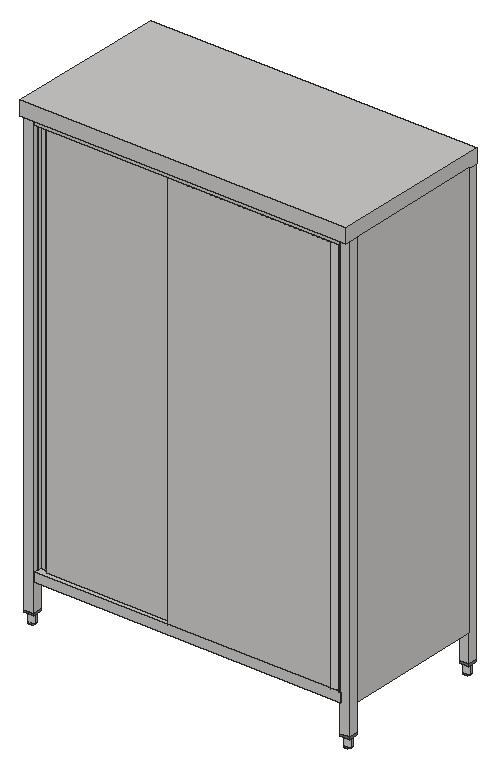
Revit family "QF_ELECTROLUXPROFESSIONAL_134059_GGAS1400E", category Attrezzature speciali, Revit 2020
Family settings
  Quota connettore circolare = Usa diametro
  Tipo di parte = Normale
  Basato su piano di lavoro = No
  Sempre verticale = Sì
  Taglio con vuoti quando caricato = No
  Condiviso = No
  Punto di calcolo locali = No
Parameters (values of type "Standard")
  Weight = 118.00 kg
  Watts = 0 W
  Volts = 0 V
  URL Manufacturer = "https://www.electroluxprofessional.com/"
  URL = "https://www.electroluxprofessional.com/"
  Steam Supply Size = 0 mm
  Steam Supply Minimum Pressure = 0.0 Pa
  Steam Supply Maximum Pressure = 0.0 Pa
  Steam Consumption per Hour = 0
  Refrigeration Suction Line Size = 0.0 mm
  Refrigeration Liquid Line Size = 0.0 mm
  Refrigerant Compressor Remote = yes
  Prospetto di default = 0.0 mm
  Phase = 0
  Modello = "GGAS1400E"
  Produttore = "Electrolux Professional"
  Length Actual = 1400.0 mm  # constant formula
  Item Number = "134059"
  Hot Water Size = 0 mm
  Height Actual = 2000.0 mm  # constant formula
  HP = "0 HP"
  Gas Size = 0 mm
  Gas KW = 0
  Gas Input Pressure = 0 W
  Direct Waste Size = 0 mm
  Descrizione = "STORAGE CABINET W/SLIDING DOORS 1400 MM"
  Depth Actual = 700.0 mm  # constant formula
  Cycle = 0 Hz
  Condensate Return Size = 0 mm
  Compressed Air Volume = 0.0 L/s
  Compressed Air Size = 0 mm
  Compressed Air Pressure = 0.0 Pa
  Cold Water Size = 0 mm
  Accessory = yes
Reference planes
  plane 1 "Center (Front/Back)": y = 0
  plane 2: z = 0
  plane 3 "Center (Left/Right)": x = -200
  plane 4 "LEFT": x = -900
  plane 5 "RIGHT": x = 500
  plane 6 "BACK": y = 350
  plane 7 "FRONT": y = -350
  plane 8 "Base": z = 2020
  plane 9 "TOP": z = 1960
  plane 10: x = -879
  plane 11: x = 479
  plane 12: y = 310
  plane 13: y = -310
  plane 14 "BodyLeft": x = -900
  plane 15 "BodyFront": y = -330
  plane 16 "BodyRight": x = 500
  plane 17 "BodyBack": y = 330
  plane 18 "FEET": z = 170
  plane 19: x = -120
  plane 20: x = -280
Forms (mm)
  Extrusion 1, solid, material "QF_Finishes_Stainless Steel"
    sketch origin (-200, 0, 0) x (0, 1, 0) y (0, 0, 1)
      loop
        line (-350, 2020) -> (-350, 1960) -> (350, 1960) -> (350, 2020) -> (-350, 2020)
    from 700 to -700
  Extrusion 2, solid, material "QF_Finishes_Stainless Steel"
    sketch origin (1, 0, 170) x (-1, 0, 0) y (0, -1, 0)
      loop
        line (900, -310) -> (900, 290) -> (860, 290) -> (860, -310) -> (900, -310)
      loop
        line (-460, -310) -> (-460, 290) -> (-500, 290) -> (-500, -310) -> (-460, -310)
    from 0 to 1790
  Extrusion 3, solid, material "QF_Finishes_Stainless Steel"
    sketch origin (0, 0, 170) x (-1, 0, 0) y (0, -1, 0)
      loop
        line (859, -310) -> (859, 330) -> (-461, 330) -> (-461, -310) -> (859, -310)
    from 0 to 40
  Extrusion 4, solid, material "QF_Finishes_Stainless Steel"
    sketch origin (0, 0, 170) x (-1, 0, 0) y (0, -1, 0)
      loop
        line (-459, 330) -> (-459, 310) -> (280, 310) -> (280, 330) -> (-419, 330) -> (-439, 315) -> (-454, 315) -> (-454, 330) -> (-459, 330)
    from 40 to 1760
  Extrusion 5, solid, material "QF_Finishes_Stainless Steel"
    sketch origin (0, 20, 170) x (1, 0, 0) y (0, 1, 0)
      loop
        line (-859, -330) -> (-854, -330) -> (-854, -315) -> (-839, -315) -> (-819, -330) -> (-120, -330) -> (-120, -310) -> (-859, -310) -> (-859, -330)
    from 40 to 1760
  Extrusion 6, solid, material "QF_Finishes_Stainless Steel"
    sketch origin (0, 0, 170) x (-1, 0, 0) y (0, -1, 0)
      loop
        line (859, 290) -> (-459, 290) -> (-459, -310) -> (859, -310) -> (859, 290)
    from 350 to 390
  Extrusion 7, solid, material "QF_Finishes_Stainless Steel"
    sketch origin (0, 0, 170) x (-1, 0, 0) y (0, -1, 0)
      loop
        line (859, -310) -> (859, 330) -> (-459, 330) -> (-459, -310) -> (859, -310)
    from 1760 to 1790
  Extrusion 8, solid, material "QF_Finishes_Stainless Steel"
    sketch origin (0, 0, 170) x (-1, 0, 0) y (0, -1, 0)
      loop
        line (859, -350) -> (859, -310) -> (-459, -310) -> (-459, -350) -> (859, -350)
    from 1790 to 0
Lines and regions (mm)
  symbolic lines
    curve 1: line (500, 350, 1960) -> (-900, 350, 1960)
    curve 2: line (-900, 350, 1960) -> (-900, -350, 1960)
    curve 3: line (-900, -350, 1960) -> (500, -350, 1960)
    curve 4: line (500, -350, 1960) -> (500, 350, 1960)
  symbolic lines, style "SpecialityEquipmentHiddenLines"
    curve 5: line (-900, -330, 170) -> (-900, 330, 170)
    curve 6: line (500, -330, 170) -> (-900, -330, 170)
    curve 7: line (500, 330, 170) -> (500, -330, 170)
    curve 8: line (-859, -290, 170) -> (-120, -290, 170)
    curve 9: line (-120, -290, 170) -> (-120, -310, 170)
    curve 10: line (-859, -310, 170) -> (459, -310, 170)
    curve 11: line (459, -310, 170) -> (459, -330, 170)
    curve 12: line (-280, -310, 170) -> (-280, -330, 170)
    curve 13: line (-859, -290, 170) -> (-859, -310, 170)
Dimensions and locks
  plane 4 "LEFT" to plane 5 "RIGHT" = 1400.0 mm
  equal spacing: plane 4 "LEFT", plane 3 "Center (Left/Right)", plane 5 "RIGHT"
  plane 6 "BACK" to plane 7 "FRONT" = 700.0 mm
  equal spacing: plane 6 "BACK", plane 1 "Center (Front/Back)", plane 7 "FRONT"
  locked: plane 4 "LEFT" to plane 14 "BodyLeft"
  locked: plane 16 "BodyRight" to plane 5 "RIGHT"
  locked: plane 15 "BodyFront" to plane 7 "FRONT" at 20
  locked: plane 6 "BACK" to plane 17 "BodyBack" at 20
  locked: plane 14 "BodyLeft" to plane 10 at 21
  locked: plane 11 to plane 16 "BodyRight" at 21
  locked: plane 13 to plane 15 "BodyFront" at 20
  locked: plane 17 "BodyBack" to plane 12 at 20
  plane 10 to plane 11 = 1358.0 mm
  plane 12 to plane 13 = 620.0 mm
  plane 14 "BodyLeft" to Extrusion 2 sketch curve = 41.0 mm
  Extrusion 2 sketch curve to Extrusion 2 sketch curve = 40.0 mm
  locked: plane 3 "Center (Left/Right)" to plane 19 at 80
  locked: plane 20 to plane 3 "Center (Left/Right)" at 80
  locked: plane 18 "FEET" to plane 2 at 170
  locked: plane 9 "TOP" to level at 1960
  plane 8 "Base" to level = 2020.0 mm
  Extrusion 2 to Extrusion 3 to Extrusion 7 = 40.0 mm, 1720.0 mm
  plane 8 "Base" to plane 9 "TOP" = 60.0 mm
  aligned and locked: level to plane 2
  aligned and locked: nested 1 to plane 13
  aligned and locked: nested 2 to plane 13
  aligned and locked: Extrusion 1 to plane 4 "LEFT"
  aligned and locked: plane 5 "RIGHT" to Extrusion 1
  aligned and locked: curve 2 to plane 4 "LEFT"
  aligned and locked: Extrusion 4 to Extrusion 3
  aligned and locked: Extrusion 5 sketch curve to plane 19
  aligned and locked: Extrusion 4 sketch curve to plane 20
  aligned and locked: Extrusion 1 to plane 8 "Base"
  aligned and locked: plane 9 "TOP" to Extrusion 1
  aligned and locked: plane 14 "BodyLeft" to curve 5
  aligned and locked: plane 15 "BodyFront" to curve 6
  aligned and locked: plane 16 "BodyRight" to curve 7
  aligned and locked: Extrusion 3 sketch curve to Extrusion 2  (x2)
  aligned and locked: curve 6 to Extrusion 3 sketch curve
  aligned and locked: Extrusion 2 to Extrusion 8
  aligned and locked: nested 4 to plane 17 "BodyBack"
  aligned and locked: plane 11 to nested 2
  aligned and locked: plane 11 to nested 3
  aligned and locked: plane 10 to nested 1
  aligned and locked: nested 4 to nested 1
Automatic sketch dimensions
  curve 3 to plane 5 "RIGHT" = 0.0 mm
  curve 3 to plane 7 "FRONT" = 0.0 mm
  curve 2 to plane 6 "BACK" = 0.0 mm
  Extrusion 1 sketch curve to plane 7 "FRONT" = 0.0 mm
  Extrusion 1 sketch curve to plane 6 "BACK" = 0.0 mm
  Extrusion 1 sketch curve to plane 8 "Base" = 0.0 mm
  Extrusion 1 sketch curve to plane 9 "TOP" = 0.0 mm
  Extrusion 2 sketch curve to plane 12 = 0.0 mm  (x2)
  plane 13 to Extrusion 2 sketch curve = 20.0 mm  (x2)
  Extrusion 3 sketch curve to plane 17 "BodyBack" = 20.0 mm
  Extrusion 4 sketch curve to plane 15 "BodyFront" = 0.0 mm  (x2)
  Extrusion 4 sketch curve to plane 13 = 0.0 mm
  Extrusion 4 sketch curve to plane 11 = 60.0 mm
  Extrusion 4 sketch curve to plane 13 = 5.0 mm
  Extrusion 4 sketch curve to Extrusion 4 sketch curve = 20.0 mm
  Extrusion 4 sketch curve to Extrusion 4 sketch curve = 15.0 mm
  Extrusion 4 sketch curve to Extrusion 4 sketch curve = 5.0 mm
  Extrusion 5 sketch curve to plane 13 = 0.0 mm  (x2)
  Extrusion 5 sketch curve to plane 10 = 60.0 mm
  Extrusion 5 sketch curve to plane 13 = 15.0 mm
  Extrusion 5 sketch curve to Extrusion 5 sketch curve = 20.0 mm  (x2)
  Extrusion 5 sketch curve to Extrusion 5 sketch curve = 15.0 mm
  Extrusion 5 sketch curve to Extrusion 5 sketch curve = 5.0 mm
  curve 10 to plane 13 = 0.0 mm
  curve 9 to plane 19 = 0.0 mm
  curve 12 to plane 20 = 0.0 mm
  curve 10 to plane 11 = 20.0 mm
  plane 10 to curve 13 = 20.0 mm
  plane 13 to curve 8 = 20.0 mm
  Extrusion 6 sketch curve to plane 11 = 20.0 mm
  plane 10 to Extrusion 6 sketch curve = 20.0 mm
  plane 12 to Extrusion 6 sketch curve = 0.0 mm
  plane 13 to Extrusion 6 sketch curve = 20.0 mm
  Extrusion 7 sketch curve to plane 17 "BodyBack" = 20.0 mm
  Extrusion 7 sketch curve to plane 15 "BodyFront" = 0.0 mm
  Extrusion 7 sketch curve to plane 11 = 20.0 mm
  plane 10 to Extrusion 7 sketch curve = 20.0 mm
  curve 5 to plane 17 "BodyBack" = 0.0 mm
  curve 7 to plane 17 "BodyBack" = 0.0 mm
  Extrusion 8 sketch curve to plane 6 "BACK" = 0.0 mm
  Extrusion 8 sketch curve to plane 12 = 0.0 mm
  Extrusion 8 sketch curve to plane 11 = 20.0 mm
  plane 10 to Extrusion 8 sketch curve = 20.0 mm
  Extrusion 2 sketch curve to plane 11 = 18.0 mm
  plane 4 "LEFT" to Extrusion 2 sketch curve = 1.0 mm
Nested families
  nested 1: "FEET_40x40_APP50_H1960" at (-879, -310, 0), type "FEET_40x40_APP50_H1960"
  nested 2: "FEET_40x40_APP50_H1960" at (479, -310, 0), type "FEET_40x40_APP50_H1960"
  nested 3: "FEET_40x40_APP50_H1960" at (479, 330, 0), type "FEET_40x40_APP50_H1960"
  nested 4: "FEET_40x40_APP50_H1960" at (-879, 330, 0), type "FEET_40x40_APP50_H1960"
Definition of nested family "FEET_40x40_APP50_H1960"
  Parameters
    Default Elevation = 0.0 mm
    FEET = 1960.0 mm
  Reference planes
    plane 1 "Center (Front/Back)": y = 0
    plane 2: z = 0
    plane 3 "Center (Left/Right)": x = 0
    plane 4: z = 1960
  Forms (mm)
    Extrusion 1, solid
      sketch origin (0, 0, 0) x (1, 0, 0) y (0, 1, 0)
        loop
          line (-20, -20) -> (20, -20) -> (20, 20) -> (-20, 20) -> (-20, -20)
      from 50 to 1960
    Extrusion 2, solid
      sketch origin (0, 0, 0) x (1, 0, 0) y (0, 1, 0)
        loop
          circle (0, 0) r 15
      from 0 to 5
    Extrusion 3, solid
      sketch origin (0, 0, 0) x (1, 0, 0) y (0, 1, 0)
        loop
          line (-20, -20) -> (20, -20) -> (20, 20) -> (-20, 20) -> (-20, -20)
      from 50 to 42
    Extrusion 4, solid
      sketch origin (0, 0, 0) x (1, 0, 0) y (0, 1, 0)
        loop
          circle (0, 0) r 15
      from 5 to 42
  Lines and regions (mm)
    symbolic lines
      curve 1: line (0, -1.503, 0) -> (0, 1.508, 0)
      curve 2: line (1.561, 0, 0) -> (-1.439, 0, 0)
  Dimensions and locks
    "FEET": plane 4 to plane 2
    aligned and locked: level to plane 2
    aligned and locked: plane 4 to Extrusion 1
  Automatic sketch dimensions
    plane 1 "Center (Front/Back)" to curve 2 = 0.0 mm
    curve 1 to plane 3 "Center (Left/Right)" = 0.0 mm
    curve 2 to plane 3 "Center (Left/Right)" = 1.439 mm
    plane 3 "Center (Left/Right)" to curve 2 = 1.561 mm
    plane 1 "Center (Front/Back)" to curve 1 = 1.503 mm
    curve 1 to plane 1 "Center (Front/Back)" = 1.508 mm
    Extrusion 1 sketch curve to plane 3 "Center (Left/Right)" = 20.0 mm
    plane 3 "Center (Left/Right)" to Extrusion 1 sketch curve = 20.0 mm
    plane 1 "Center (Front/Back)" to Extrusion 1 sketch curve = 20.0 mm
    Extrusion 1 sketch curve to plane 1 "Center (Front/Back)" = 20.0 mm
    plane 1 "Center (Front/Back)" to Extrusion 2 sketch curve = 0.0 mm
    Extrusion 2 sketch curve to plane 3 "Center (Left/Right)" = 0.0 mm
    Extrusion 3 sketch curve to plane 3 "Center (Left/Right)" = 20.0 mm
    plane 3 "Center (Left/Right)" to Extrusion 3 sketch curve = 20.0 mm
    plane 1 "Center (Front/Back)" to Extrusion 3 sketch curve = 20.0 mm
    Extrusion 3 sketch curve to plane 1 "Center (Front/Back)" = 20.0 mm
    plane 1 "Center (Front/Back)" to Extrusion 4 sketch curve = 0.0 mm
    Extrusion 4 sketch curve to plane 3 "Center (Left/Right)" = 0.0 mm
    radius of Extrusion 2 sketch curve = 15.0 mm
    radius of Extrusion 4 sketch curve = 15.0 mm
